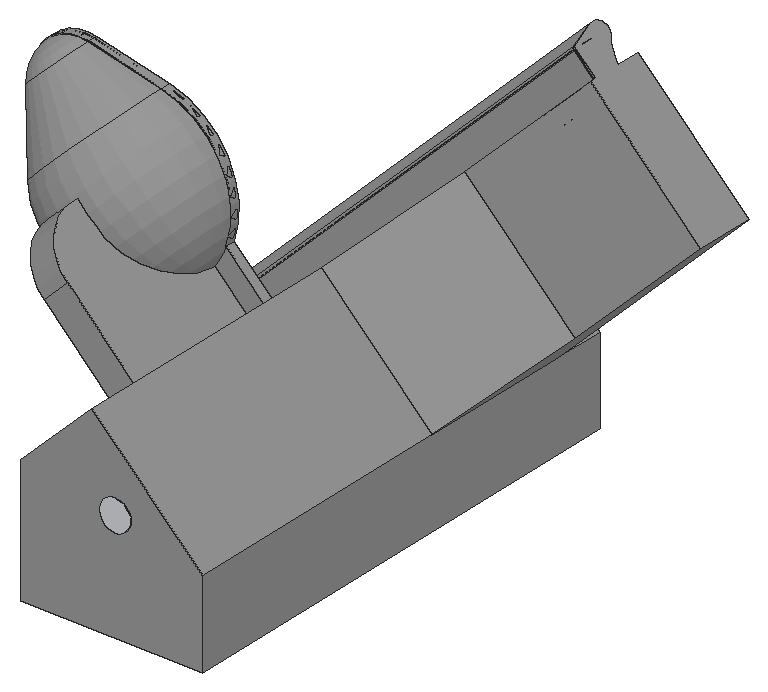
Revit family "Combination-Willoughby-ECF-1545-L-ON", category Plumbing Fixtures, Revit 2015
Parameters (values of type "Standard")
  Waste DIA [instance] = 2 3/8"
  Waste Connection = yes
  Waste-RAD [instance] = Waste DIA / 2  # 0' - 1 3/16"
  URL = "https://www.willoughby-ind.com/wp-content/uploads/2017/09/1545.pdf"
  Type Comments = ""
  Revision = "A"
  Flush Inlet Connection = yes
  Model = "ECF-1545-L-ON"
  Manufacturer = "Willoughby Industries"
  Left = yes
  Lav Waste DIA [instance] = 1 1/2"
  LAV Waste-RAD [instance] = Lav Waste DIA / 2  # 0' - 0 3/4"
  HW Connection = no
  Flush inlet DIA [instance] = 1 1/2"
  Flush Inlet-RAD [instance] = Flush inlet DIA / 2  # 0' - 0 3/4"
  Fixture Body = Stainless Steel AISI 304-Willoughby
  Description = "1545 Left Hand Orientation, Floor toilet waste outlet, On floor mounted"
  Default Elevation = 0' - 0"
  Contact Number = "(800) 428-4065"
  CW Connection = no
Reference planes (in)
  plane 1 "Center (Front/Back)": y = -16.25
  plane 2: z = 0
  plane 3 "Waste CL": x = 0
  plane 4 "Base": y = -16.25
  plane 5 "Seat height": y = 1.75
  plane 6 "Waste Hieght": y = -4.75
  plane 7 "Lwaste ht": y = 8
  plane 8 "flush inlet HT": y = 4.25
  plane 9 "Waste center": x = 0
  plane 10 "Fixture Height": y = 21.75
  plane 11: through (-5.56326, 0, 8.31174) normal (0.7071, 0, 0.7071)
  plane 12: through (-18.88655, 0, 21.63503) normal (0.7071, 0, 0.7071)
  plane 13: through (-11.21677, 0, 22.4617) normal (-0.7071, 0, 0.7071)
  plane 14: through (-17.12138, 0, 16.55709) normal (-0.7071, 0, 0.7071)
  plane 15: through (1.5625, 0, 6.3125) normal (0.7071, 0, -0.7071)
  plane 16: y = 16.75
  plane 17: y = 16.75
  plane 18 "Flush Inlet": x = 3.50178
  plane 19 "Center/LAV Waste": x = -1.37322
  plane 20: x = 6.12678
  plane 21: x = -8.87322
  plane 22 "Waste": x = -0.37322
  plane 23 "grab bar": x = 36.92031
Forms (in)
  Extrusion 1, solid, material "Stainless Steel AISI 304-Willoughby" <- "Fixture Body"
    sketch origin (0.35963, 10.5, 2.01121) x (-0.707107, 0, -0.707107) y (0.707107, 0, -0.707107)
      loop
        line (0.86025, -12.45225) -> (-5.26475, -12.45225) -> (-5.26475, -16.56851)
        arc (-5.26475, -16.56851) -> (-8.91088, -20.86448) -> (-8.21015, -26.45542) r 7
        line (-8.21015, -26.45542) -> (-5.16818, -31.31054)
        arc (-5.16818, -31.31054) -> (-2.20225, -32.95225) -> (0.76368, -31.31054) r 3.5
        line (0.76368, -31.31054) -> (3.80565, -26.45542)
        arc (3.80565, -26.45542) -> (4.50638, -20.86448) -> (0.86025, -16.56851) r 7
        line (0.86025, -16.56851) -> (0.86025, -12.45225)
      loop
        arc (2.03989, -24.70557) -> (-2.20225, -18.23804) -> (-6.44438, -24.70557) r 4.625
        line (-6.44438, -24.70557) -> (-4.04125, -30.23842)
        arc (-4.04125, -30.23842) -> (-2.20225, -31.45225) -> (-0.36324, -30.23842) r 2
        line (-0.36324, -30.23842) -> (2.03989, -24.70557)
    from 8.75 to 9.5
  Revolve 2, solid, material "Stainless Steel AISI 304-Willoughby" <- "Fixture Body", visible <- "Left"
    sketch origin (0.35963, 1.5, 6.62718) x (-0.707107, 0, -0.707107) y (0.707107, 0, -0.707107)
      loop
        line (1.06174, -12.59906) -> (1.06174, -12.84906)
        arc (1.06174, -12.84906) -> (6.96784, -16.33096) -> (6.78077, -23.18447) r 6.75
        line (6.78077, -23.18447) -> (3.81535, -27.91457)
        arc (3.81535, -27.91457) -> (2.63527, -29.03194) -> (1.06174, -29.43826) r 3.25
        line (1.06174, -29.43826) -> (1.06174, -29.68826)
        arc (1.06174, -29.68826) -> (2.75672, -29.25045) -> (4.02767, -28.04656) r 3.5
        line (4.02767, -28.04656) -> (7.06964, -23.19143)
        arc (7.06964, -23.19143) -> (7.15052, -16.14555) -> (1.06174, -12.59906) r 7
      axis (1.06174, -12.59906) -> (1.06174, -29.68826)
    angle from 0 to -180
  Extrusion 3, solid, material "Stainless Steel AISI 304-Willoughby" <- "Fixture Body"
    sketch origin (1.25119, 0, 6.00186) x (0, 1, 0) y (-0.707107, 0, 0.707107)
      loop
        line (-5.27082, 10.26086) -> (1, 10.26086) -> (1, 13.76086)
        arc (1, 13.76086) -> (-2.93256, 15.26109) -> (-5.27082, 18.76086) r 6.92744
        line (-5.27082, 18.76086) -> (-5.27082, 10.26086)
    from 0 to -2.5
  Extrusion 4, solid, material "Stainless Steel AISI 304-Willoughby" <- "Fixture Body"
    sketch origin (0, 21.75, -8.22682) x (1, 0, 0) y (0, 0, 1)
      loop
        line (4.35089, 8.22682) -> (4.35089, 14.86886) -> (-4.13526, 23.35501) -> (-19.26346, 8.22682) -> (4.35089, 8.22682)
    from 0 to 8
  Extrusion 5, solid, material "Stainless Steel AISI 304-Willoughby" <- "Fixture Body"
    sketch origin (-14.57379, 17.75, 0.36891) x (1, 0, 0) y (0, 0, 1)
      loop
        line (33.4941, 20.84255) -> (25.00882, 29.32784) -> (10.4394, 14.75842) -> (18.92468, 6.27313) -> (33.4941, 20.84255)
      loop
        arc (25.93339, 27.1733) -> (25.22628, 27.46619) -> (24.51917, 27.1733) r 1
        line (24.51917, 27.1733) -> (14.52755, 17.18168)
        arc (14.52755, 17.18168) -> (14.23466, 16.47457) -> (14.52755, 15.76747) r 1
        line (14.52755, 15.76747) -> (19.88229, 10.41273)
        arc (19.88229, 10.41273) -> (20.5894, 10.11984) -> (21.29651, 10.41273) r 1
        line (21.29651, 10.41273) -> (31.28812, 20.40435)
        arc (31.28812, 20.40435) -> (31.58102, 21.11145) -> (31.28812, 21.81856) r 1
        line (31.28812, 21.81856) -> (25.93339, 27.1733)
    from 0 to 4
  Extrusion 6, solid, material "Stainless Steel AISI 304-Willoughby" <- "Fixture Body"
    sketch origin (0, 15.25, 5.38846) x (1, 0, 0) y (0, 0, 1)
      loop
        line (-9.58406, -5.38846) -> (4.35089, -5.38846) -> (4.35089, 1.25359) -> (-4.13439, 9.73887) -> (-4.7227, 9.15056) -> (-9.05373, 4.81953) -> (-9.58406, 4.2892) -> (-9.58406, -5.38846)
    from 1.5 to 31.5
  Extrusion 7, solid, material "Stainless Steel AISI 304-Willoughby" <- "Fixture Body"
    sketch origin (-12.34107, 46.33187, 6.92065) x (0, 1, 0) y (0.707107, 0, 0.707107)
      loop
        line (-32.58187, 11.60599) -> (-32.58187, 32.21026) -> (-33.08187, 32.21026) -> (-34.30788, 19.96026) -> (-40.60327, 11.60599) -> (-32.58187, 11.60599)
    from 0 to 12
  Extrusion 8, solid, material "Stainless Steel AISI 304-Willoughby" <- "Fixture Body"
    sketch origin (-13.99064, -32.65143, -5.27282) x (0, 1, 0) y (-0.707107, 0, 0.707107)
      loop
        line (50.50143, 7.45689) -> (50.50143, 9.7067)
        arc (50.50143, 9.7067) -> (49.48517, 11.24673) -> (47.66956, 10.91802) r 1.675
        line (47.66956, 10.91802) -> (46.40143, 9.70689) -> (46.40143, 7.45689) -> (50.50143, 7.45689)
    from 0 to 0.25
  Extrusion 9, solid, material "Stainless Steel AISI 304-Willoughby" <- "Fixture Body"
    sketch origin (27.44804, -0.074, 12.33018) x (0, 1, 0) y (-0.707107, 0, 0.707107)
      loop
        arc (16.79803, 26.04907) -> (16.88129, 26.96339) -> (16.01706, 27.27326) r 0.75001
        line (16.01706, 27.27326) -> (13.87902, 26.57803) -> (13.87902, 24.31003) -> (15.99202, 24.31003)
        arc (15.99202, 24.31003) -> (16.25673, 25.24365) -> (16.79803, 26.04907) r 3.089
    from 0 to 0.25
  Sweep 10, solid, material "Stainless Steel AISI 304-Willoughby" <- "Fixture Body"
    path origin (0, 16.68413, 5.38672) x (1, 0, 0) y (0, 0, 1)
      loop
        line (8.66726, 25.72424) -> (-20.67767, -3.62069)
    profile origin (-6.0052, 16.68413, 16.4385) x (0.707107, 0, -0.707107) y (0, -1, 0)
      loop
        circle (-0.00104, 0.50913) r 0.75
  Extrusion 11, solid, material "Stainless Steel AISI 304-Willoughby" <- "Fixture Body"
    sketch origin (-1.00835, 27.10824, 4.72586) x (0, 1, 0) y (-0.707107, 0, 0.707107)
      loop
        line (-32.37906, 9.56539) -> (-32.37906, 20.85188) -> (-32.87906, 20.85188)
        arc (-32.87906, 20.85188) -> (-35.70748, 19.68031) -> (-36.87906, 16.85188) r 4
        line (-36.87906, 16.85188) -> (-36.87906, 9.56539) -> (-32.37906, 9.56539)
    from 0 to 2.5
  Extrusion 12, solid, material "Stainless Steel AISI 304-Willoughby" <- "Fixture Body"
    sketch origin (0, 0, 0) x (1, 0, 0) y (0, 1, 0)
      loop
        circle (1.72589, 4.25) r 0.75
    from 0 to 1
  Extrusion 13, solid, material "Stainless Steel AISI 304-Willoughby" <- "Fixture Body"
    sketch origin (0, 0, 0) x (1, 0, 0) y (0, 1, 0)
      loop
        circle (-2.61659, 8) r 0.75
    from -3 to 1
  Extrusion 14, solid
    sketch origin (0, -16.25, 0) x (0, 0, -1) y (-1, 0, 0)
      loop
        circle (-8.4375, 2.32635) r 1.1875
    from 0 to 3
  Extrusion 15, solid, material "Stainless Steel AISI 304-Willoughby" <- "Fixture Body"
    sketch origin (27.91549, -5.16123, 11.86274) x (0, 1, 0) y (-0.707107, 0, 0.707107)
      loop
        line (18.96625, 24.97233) -> (19.08525, 24.97233) -> (19.08525, 27.03833)
        arc (19.08525, 27.03833) -> (19.12186, 27.12672) -> (19.21025, 27.16333) r 0.125
        line (19.21025, 27.16333) -> (20.58525, 27.16333) -> (20.58525, 27.28233) -> (19.21025, 27.28233)
        arc (19.21025, 27.28233) -> (19.03771, 27.21086) -> (18.96625, 27.03833) r 0.244
        line (18.96625, 27.03833) -> (18.96625, 24.97233)
    from -41.49877 to 0
Cuts and joins
  joined: Extrusion 4, Extrusion 5, Extrusion 6, Extrusion 7, Extrusion 8, Extrusion 9
  joined: Extrusion 3, Extrusion 11
Lines and regions (in)
  symbolic lines
    curve 1: line (-16.125, -16.25, 0) -> (-14.625, -16.25, 0)
    curve 2: line (0, 21.75, -0.0055) -> (0, 21.75, 10.875)
    curve 3: line (0, 21.75, 10.875) -> (0, 17.75, 10.875)
    curve 4: line (0, 17.75, 10.875) -> (0, 17.75, 24.13325)
    curve 5: line (0, 17.75, 24.13325) -> (0, 17.47165, 26.11379)
    curve 6: arc (0, 17.47165, 26.11379) -> (0, 16.76652, 26.46196) -> (0, 16.06139, 26.11379) r 0.88812
    curve 7: line (0, 16.06139, 26.11379) -> (0, 14.75, 24.31003)
    curve 8: line (0, 14.75, 24.31003) -> (0, 13.25, 24.31003)
    curve 9: line (0, 13.25, 24.31003) -> (0, 12.02399, 15.64797)
    curve 10: line (0, 12.02399, 15.64797) -> (0, 6.9375, 10.875)
    curve 11: line (0, 6.9375, 10.875) -> (0, 1.75, 10.875)
    curve 12: line (0, 1, 6.14622) -> (0, 1.75, 6.14622)
    curve 13: line (0, 1.75, 6.14622) -> (0, 1.75, 23.83255)
    curve 14: line (0, 1.75, 23.83255) -> (0, 1, 23.83255)
    curve 15: arc (0, 1, 23.83255) -> (0, 0.03369, 23.53261) -> (0, -0.79759, 22.95581) r 3.32336
    curve 16: line (0, -0.79759, 22.95581) -> (0, -3.43907, 20.6596)
    curve 17: arc (0, -3.43907, 20.6596) -> (0, -3.96286, 20.06535) -> (0, -4.41275, 19.41336) r 6.69163
    curve 18: arc (0, -4.41275, 19.41336) -> (0, -4.96012, 18.33682) -> (0, -5.34188, 17.19104) r 8.1253
    curve 19: line (0, -5.34188, 17.19104) -> (0, -5.84188, 17.19104)
    curve 20: arc (0, -5.84188, 17.19104) -> (0, -7.27582, 16.97673) -> (0, -8.58445, 16.35255) r 4.90452
    curve 21: arc (0, -8.58445, 16.35255) -> (0, -9.23236, 15.74836) -> (0, -9.66186, 14.97353) r 2.83156
    curve 22: line (0, -9.66186, 14.97353) -> (0, -9.77082, 10.8879)
    curve 23: line (0, -9.77082, 10.8879) -> (0, -9.77082, 7.42785)
    curve 24: line (0, -9.77082, 7.42785) -> (0, 1, 7.42785)
    curve 25: line (0, 1, 7.42785) -> (0, 1, 6.14622)
    curve 26: line (0, -9.77082, 10.8879) -> (0, -16.27082, 10.8879)
    curve 27: line (0, -16.27082, 10.8879) -> (0, -16.27082, -0.0055)
    curve 28: line (0, -16.27082, -0.0055) -> (0, 21.75, -0.0055)
    curve 29: arc (0, -5.34188, 17.19104) -> (0, -4.0759, 11.51383) -> (0, 1, 8.67328) r 7.12289
    curve 30: line (0, 1, 8.67328) -> (0, 1, 7.42785)
    curve 31: line (6.12678, -16.25, 0) -> (-8.87322, -16.25, 0)
    curve 32: line (-8.87322, -16.25, 0) -> (-8.87322, -9.77082, 0)
    curve 33: line (-8.87322, -9.77082, 0) -> (-11.59947, -9.77082, 0)
    curve 34: arc (-11.59947, -9.77082, 0) -> (-12.22447, -9.67741, 0) -> (-12.79485, -9.40535, 0) r 2.13769
    curve 35: arc (-12.79485, -9.40535, 0) -> (-14.03782, -7.77969, 0) -> (-14.4279, -5.77082, 0) r 4.47871
    curve 36: line (-14.4279, -5.77082, 0) -> (-14.4279, -5.34737, 0)
    curve 37: arc (-14.4279, -5.34737, 0) -> (-16.47094, -4.53529, 0) -> (-18.16636, -3.13562, 0) r 7.07966
    curve 38: line (-18.16636, -3.13562, 0) -> (-20.15522, -0.88964, 0)
    curve 39: arc (-20.15522, -0.88964, 0) -> (-20.79515, 0.12409, 0) -> (-21.07984, 1.28862, 0) r 3.7239
    curve 40: line (-21.07984, 1.28862, 0) -> (-21.07984, 1.75, 0)
    curve 41: line (-21.07984, 1.75, 0) -> (-3.39775, 1.75, 0)
    curve 42: line (-3.39775, 1.75, 0) -> (-3.39775, 1, 0)
    curve 43: line (-3.39775, 1, 0) -> (-5.92481, 1, 0)
    curve 44: arc (-5.92481, 1, 0) -> (-6.09022, -0.07137, 0) -> (-6.44715, -1.09499, 0) r 5.95433
    curve 45: arc (-6.44715, -1.09499, 0) -> (-8.90323, -4.22095, 0) -> (-12.66013, -5.52082, 0) r 7.0489
    curve 46: arc (-12.66013, -5.52082, 0) -> (-13.54942, -5.48924, 0) -> (-14.4279, -5.34737, 0) r 7.14465
    curve 47: line (-8.87322, 1.75, 0) -> (-8.87322, 15.25, 0)
    curve 48: line (-8.87322, 15.25, 0) -> (-15.375, 15.25, 0)
    curve 49: arc (-15.375, 15.25, 0) -> (-16.875, 16.75, 0) -> (-15.375, 18.25, 0) r 1.5
    curve 50: line (-13.875, 18.25, 0) -> (-15.375, 18.25, 0)
    curve 51: line (-13.875, 21.75, 0) -> (6.125, 21.75, 0)
    curve 52: line (6.125, 21.75, 0) -> (6.125, 17.75, 0)
    curve 53: line (6.125, 17.75, 0) -> (18.92031, 17.75, 0)
    curve 54: line (18.92031, 17.75, 0) -> (18.92031, 13.25, 0)
    curve 55: line (18.92031, 13.25, 0) -> (10.25825, 12.02399, 0)
    curve 56: line (10.25825, 12.02399, 0) -> (6.12678, 7.62114, 0)
    curve 57: line (6.12678, 7.62114, 0) -> (6.12678, -16.25, 0)
    curve 58: line (-13.875, 18.25, 0) -> (-13.875, 21.75, 0)
    curve 59: line (6.12678, -16.25, 0) -> (-8.87322, -16.25, 0)
    curve 60: line (-8.87322, -9.77082, 0) -> (-11.59947, -9.77082, 0)
    curve 61: line (-14.4279, -5.77082, 0) -> (-14.4279, -5.34737, 0)
Dimensions and locks (in)
  plane 5 "Seat height" to plane 4 "Base" = 1' - 6"  (x2)
  locked: Extrusion 1 to Extrusion 1 at 0.75
  plane 6 "Waste Hieght" to plane 4 "Base" = 0' - 11 1/2"
  plane 7 "Lwaste ht" to plane 4 "Base" = 2' - 0 1/4"
  plane 8 "flush inlet HT" to plane 4 "Base" = 1' - 8 1/2"
  locked: Extrusion 1 to Extrusion 3 at 6.27082
  locked: plane 5 "Seat height" to Revolve 2 at 0.25
  plane 21 to plane 20 = 1' - 3"
  plane 18 "Flush Inlet" to plane 20 = 0' - 2 5/8"  (x2)
  plane 19 "Center/LAV Waste" to plane 20 = 0' - 7 1/2"
  plane 19 "Center/LAV Waste" to plane 18 "Flush Inlet" = 0' - 4 7/8"
  plane 22 "Waste" to plane 20 = 0' - 6 1/2"
  cut or joined group of Extrusion 4, Extrusion 5, Extrusion 6, Extrusion 7, Extrusion 8, Extrusion 9 to plane 4 "Base" = 2' - 10"
  plane 10 "Fixture Height" to plane 4 "Base" = 3' - 2"
  "Flush Inlet-RAD": radius of Extrusion 12 sketch curve
  "LAV Waste-RAD": radius of Extrusion 13 sketch curve
  aligned and locked: Extrusion 1 to plane 5 "Seat height"
  aligned and locked: plane 3 "Waste CL" to plane 9 "Waste center"
  aligned and locked: plane 12 to plane 11
  aligned and locked: plane 14 to plane 13
  aligned and locked: plane 8 "flush inlet HT" to Extrusion 12 sketch curve
  aligned and locked: plane 7 "Lwaste ht" to Extrusion 13 sketch curve
  aligned and locked: Extrusion 15 to cut or joined group of Extrusion 4, Extrusion 5, Extrusion 6, Extrusion 7, Extrusion 8, Extrusion 9  (x2)
  aligned and locked: Extrusion 4 to Extrusion 6
  aligned and locked: Extrusion 7 to Extrusion 4
Automatic sketch dimensions
  Extrusion 3 sketch curve to plane 6 "Waste Hieght" = 0' - 0.52082"
  Extrusion 3 sketch curve to Extrusion 3 sketch curve = 0' - 3 1/2"
  Extrusion 3 sketch curve to Extrusion 3 sketch curve = 0' - 5"
  Revolve 2 sketch curve to Revolve 2 sketch curve = 0' - 0"  (x6)
  Revolve 2 sketch curve to Revolve 2 sketch curve = 0' - 0.21232"
  Revolve 2 sketch curve to Revolve 2 sketch curve = 0' - 2.96542"
  Revolve 2 sketch curve to Revolve 2 sketch curve = 0' - 0.28887"
  Revolve 2 sketch curve to plane 3 "Waste CL" = 1' - 9.38391"
  Revolve 2 sketch curve to Revolve 2 sketch curve = 0' - 0 1/4"
  Revolve 2 sketch curve to Revolve 2 sketch curve = 0' - 1.3917"
  Revolve 2 sketch curve to Revolve 2 sketch curve = 0' - 0.13199"
  Revolve 2 sketch curve to Revolve 2 sketch curve = 0' - 4.85513"
  Revolve 2 sketch curve to Revolve 2 sketch curve = 0' - 0.00696"
  Revolve 2 sketch curve to Revolve 2 sketch curve = 0' - 3 1/4"
  Revolve 2 sketch curve to Revolve 2 sketch curve = 0' - 3.3392"
  Revolve 2 sketch curve to Revolve 2 sketch curve = 0' - 2.4108"
  Extrusion 5 sketch curve to plane 3 "Waste CL" = 0' - 4.13439"
  Extrusion 5 sketch curve to plane 3 "Waste CL" = 0' - 0.04623"  (x2)
  plane 3 "Waste CL" to Extrusion 5 sketch curve = 0' - 0.66087"
  plane 3 "Waste CL" to Extrusion 5 sketch curve = 0' - 5.3085"
  level to Extrusion 5 sketch curve = 0' - 6.64205"
  Extrusion 5 sketch curve to Extrusion 5 sketch curve = 0' - 0.95761"
  Extrusion 5 sketch curve to Extrusion 5 sketch curve = 0' - 0.70711"  (x10)
  plane 3 "Waste CL" to Extrusion 5 sketch curve = 0' - 9.94538"
  Extrusion 5 sketch curve to Extrusion 5 sketch curve = 0' - 0.92457"
  Extrusion 5 sketch curve to Extrusion 5 sketch curve = 0' - 2.91308"
  Extrusion 5 sketch curve to Extrusion 5 sketch curve = 0' - 4.1396"
  Extrusion 5 sketch curve to Extrusion 5 sketch curve = 0' - 5.35474"
  Extrusion 5 sketch curve to Extrusion 5 sketch curve = 0' - 1.00905"
  Extrusion 5 sketch curve to Extrusion 5 sketch curve = 0' - 0.43821"
  Extrusion 5 sketch curve to Extrusion 5 sketch curve = 0' - 2.86164"
  level to Revolve 2 sketch curve = 2' - 0.39432"
  Revolve 2 sketch curve to plane 3 "Waste CL" = 1' - 6.90903"
  Extrusion 7 sketch curve to plane 1 "Center (Front/Back)" = 1' - 9.97859"
  Extrusion 7 sketch curve to Extrusion 7 sketch curve = 0' - 1.22601"
  Extrusion 7 sketch curve to Extrusion 7 sketch curve = 0' - 0 1/2"
  Extrusion 7 sketch curve to Extrusion 7 sketch curve = 1' - 0 1/4"
  Extrusion 7 sketch curve to Extrusion 7 sketch curve = 0' - 6.2954"
  Extrusion 7 sketch curve to Extrusion 7 sketch curve = 0' - 8.35427"
  plane 11 to Extrusion 7 sketch curve = 0' - 5.82971"
  plane 5 "Seat height" to Extrusion 3 sketch curve = 0' - 0 3/4"
  plane 5 "Seat height" to Extrusion 3 sketch curve = 0' - 0.3638"
  Extrusion 3 sketch curve to plane 15 = 0' - 10.26133"
  Extrusion 11 sketch curve to plane 1 "Center (Front/Back)" = 0' - 6.47918"
  Extrusion 11 sketch curve to Extrusion 11 sketch curve = 0' - 4"
  Extrusion 11 sketch curve to Extrusion 11 sketch curve = 0' - 4 1/2"
  Extrusion 11 sketch curve to Extrusion 11 sketch curve = 0' - 7.28649"
  Extrusion 11 sketch curve to plane 13 = 0' - 10.19418"
  curve 13 to plane 5 "Seat height" = 0' - 0"
  curve 3 to plane 10 "Fixture Height" = 0' - 0"
  plane 5 "Seat height" to curve 29 = 0' - 0.11267"
  plane 5 "Seat height" to curve 15 = 0' - 0.25945"
  curve 17 to curve 29 = 0' - 0.32711"
  curve 14 to curve 13 = 0' - 0 3/4"
  plane 5 "Seat height" to curve 24 = 0' - 0 3/4"
  curve 16 to curve 14 = 0' - 1.79759"
  plane 6 "Waste Hieght" to curve 16 = 0' - 1.31093"
  curve 19 to plane 6 "Waste Hieght" = 0' - 0.59188"
  curve 19 to curve 18 = 0' - 0 1/2"
  curve 21 to curve 20 = 0' - 1.15918"
  curve 22 to curve 21 = 0' - 2.6608"
  curve 22 to curve 21 = 0' - 0.10895"
  plane 1 "Center (Front/Back)" to curve 26 = 0' - 0.02082"
  curve 18 to plane 5 "Seat height" = 0' - 0.78635"
  curve 10 to plane 7 "Lwaste ht" = 0' - 1 1/16"
  plane 7 "Lwaste ht" to curve 9 = 0' - 4.02399"
  curve 8 to plane 16 = 0' - 3 1/2"
  curve 8 to curve 7 = 0' - 1 1/2"
  curve 7 to plane 16 = 0' - 0.68861"
  plane 16 to curve 6 = 0' - 0.01652"
  plane 16 to curve 5 = 0' - 0.72165"
  plane 16 to curve 4 = 0' - 1"
  curve 28 to level = 0' - 0.0055"
  level to curve 25 = 0' - 6.14622"
  level to curve 24 = 0' - 7.42785"
  level to curve 3 = 0' - 10 7/8"
  curve 24 to curve 10 = 0' - 3.44715"
  curve 23 to curve 22 = 0' - 3.46005"
  curve 22 to curve 20 = 0' - 1.39862"
  curve 20 to curve 21 = 0' - 1.71856"
  curve 21 to curve 22 = 0' - 0.96845"
  curve 11 to curve 18 = 0' - 4.3276"
  curve 10 to curve 9 = 0' - 4.77297"
  curve 18 to curve 29 = 0' - 0.565"
  curve 29 to curve 17 = 0' - 0.17797"
  curve 21 to curve 19 = 0' - 0.83849"
  curve 17 to curve 15 = 0' - 4.60003"
  curve 18 to curve 16 = 0' - 1.24625"
  curve 15 to curve 16 = 0' - 2.41021"
  curve 9 to curve 5 = 0' - 8.48528"
  curve 4 to curve 8 = 0' - 0.17678"
  curve 4 to curve 6 = 0' - 1.44058"
  curve 6 to curve 5 = 0' - 0.53995"
  plane 5 "Seat height" to curve 41 = 0' - 0"
  curve 49 to plane 16 = 0' - 0"
  curve 58 to plane 10 "Fixture Height" = 0' - 0"
  plane 1 "Center (Front/Back)" to curve 59 = 0' - 0"
  curve 59 to plane 21 = 0' - 0"
  curve 47 to plane 21 = 0' - 0"
  curve 56 to plane 20 = 0' - 0"
  plane 21 to curve 35 = 0' - 1.07932"
  plane 21 to curve 60 = 0' - 2.72625"
  plane 5 "Seat height" to curve 44 = 0' - 0.38089"
  plane 21 to curve 44 = 0' - 2.99446"
  plane 5 "Seat height" to curve 46 = 0' - 0.12873"
  curve 46 to curve 44 = 0' - 0.98408"
  curve 37 to curve 46 = 0' - 0.01434"
  curve 45 to curve 37 = 0' - 0.12686"
  plane 16 to curve 58 = 0' - 1 1/2"
  plane 21 to curve 58 = 0' - 5.00178"
  curve 36 to plane 6 "Waste Hieght" = 0' - 0.59737"
  curve 36 to curve 34 = 0' - 2.82843"
  curve 50 to curve 50 = 0' - 1 1/2"
  plane 5 "Seat height" to curve 39 = 0' - 0.17087"
  curve 39 to curve 45 = 0' - 4.37433"
  plane 6 "Waste Hieght" to curve 38 = 0' - 1.61438"
  plane 5 "Seat height" to curve 38 = 0' - 2.63964"
  curve 38 to curve 37 = 0' - 1.98886"
  plane 5 "Seat height" to curve 40 = 0' - 0.46138"
  plane 5 "Seat height" to curve 43 = 0' - 0 3/4"
  curve 43 to plane 21 = 0' - 2.94841"
  plane 19 "Center/LAV Waste" to curve 42 = 0' - 2.02453"
  plane 20 to curve 52 = 0' - 0.00178"
  curve 56 to plane 20 = 0' - 4.13147"
  plane 16 to curve 54 = 0' - 1"
  curve 55 to curve 54 = 0' - 8.66206"
  curve 32 to plane 6 "Waste Hieght" = 0' - 5.02082"
  curve 34 to curve 34 = 0' - 2.13769"
  curve 34 to curve 35 = 0' - 1.68901"
  curve 36 to curve 46 = 0' - 0.42345"
  curve 45 to curve 37 = 0' - 0.03766"
  curve 57 to plane 7 "Lwaste ht" = 0' - 0.37886"
  plane 7 "Lwaste ht" to curve 55 = 0' - 4.02399"
  curve 54 to plane 16 = 0' - 3 1/2"
  curve 46 to plane 6 "Waste Hieght" = 0' - 0.77082"
  level to Sweep 10 sketch curve = 0' - 1.76603"
  Sweep 10 sketch curve to plane 20 = 0' - 2.54048"
  level to Sweep 10 sketch curve = 2' - 7.11096"
  plane 21 to Sweep 10 sketch curve = 0' - 11.80445"
  Extrusion 4 sketch curve to level = 0' - 0"
  plane 21 to Extrusion 4 sketch curve = 0' - 10.39024"
  plane 19 "Center/LAV Waste" to Extrusion 4 sketch curve = 0' - 2.76204"
  plane 20 to Extrusion 4 sketch curve = 0' - 1.77589"
  level to Extrusion 4 sketch curve = 0' - 6.64205"
  plane 19 "Center/LAV Waste" to Extrusion 14 sketch curve = 0' - 0 61/64"
  level to Extrusion 14 sketch curve = 0' - 8 7/16"
  plane 16 to Extrusion 8 sketch curve = 0' - 1.1"
  Extrusion 8 sketch curve to plane 16 = 0' - 0.575"
  Extrusion 8 sketch curve to plane 16 = 0' - 1.73186"
  Extrusion 8 sketch curve to plane 16 = 0' - 3"
  Extrusion 8 sketch curve to Extrusion 8 sketch curve = 0' - 1.21113"
  Extrusion 8 sketch curve to plane 13 = 0' - 10.19295"
  Extrusion 8 sketch curve to Extrusion 8 sketch curve = 0' - 2.24981"
  profile plane to Sweep 10 sketch curve = 0' - 0.00104"
  profile plane to Sweep 10 sketch curve = 0' - 0.50913"
  Extrusion 9 sketch curve to plane 16 = 0' - 2.94498"
  Extrusion 9 sketch curve to plane 16 = 0' - 0.83198"
  Extrusion 9 sketch curve to plane 16 = 0' - 0.57501"
  plane 16 to Extrusion 9 sketch curve = 0' - 2.23534"
  Extrusion 9 sketch curve to plane 15 = 0' - 9.89599"
  Extrusion 9 sketch curve to Extrusion 9 sketch curve = 0' - 0.36534"
  Extrusion 9 sketch curve to Extrusion 9 sketch curve = 0' - 2 1/4"
  Extrusion 9 sketch curve to Extrusion 9 sketch curve = 0' - 2.268"
  Extrusion 9 sketch curve to Extrusion 9 sketch curve = 0' - 0.71325"
  Extrusion 9 sketch curve to plane 16 = 0' - 0.80694"
  Extrusion 15 sketch curve to plane 16 = 0' - 2.94498"
  Extrusion 15 sketch curve to Extrusion 15 sketch curve = 0' - 0.119"
  Extrusion 15 sketch curve to Extrusion 15 sketch curve = 0' - 0 1/8"
  Extrusion 15 sketch curve to Extrusion 15 sketch curve = 0' - 0"  (x2)
  Extrusion 15 sketch curve to plane 16 = 0' - 1.32598"
  Extrusion 15 sketch curve to plane 13 = 0' - 10.19295"
  Extrusion 15 sketch curve to Extrusion 15 sketch curve = 0' - 2.066"
  Extrusion 1 sketch curve to Extrusion 1 sketch curve = 0' - 0"  (x6)
  plane 11 to Extrusion 1 sketch curve = 0' - 7.94311"
  plane 13 to Extrusion 1 sketch curve = 0' - 2.05914"  (x2)
  Extrusion 1 sketch curve to Extrusion 1 sketch curve = 0' - 1.76576"  (x2)
  plane 11 to Extrusion 1 sketch curve = 0' - 4.99771"
  plane 11 to Extrusion 1 sketch curve = 0' - 4.90114"
  Extrusion 1 sketch curve to Extrusion 1 sketch curve = 0' - 1.12693"
  plane 13 to Extrusion 1 sketch curve = 0' - 0.21661"
  plane 11 to Extrusion 1 sketch curve = 0' - 1.93521"  (x2)
  plane 11 to Extrusion 1 sketch curve = 0' - 0.09621"
  Extrusion 1 sketch curve to plane 11 = 0' - 1.03072"
  Extrusion 1 sketch curve to plane 11 = 0' - 1.12729"
  Extrusion 1 sketch curve to Extrusion 1 sketch curve = 0' - 1.74985"  (x2)
  Extrusion 1 sketch curve to Extrusion 1 sketch curve = 0' - 4.74668"
  Extrusion 1 sketch curve to Extrusion 1 sketch curve = 0' - 0.78617"
  Extrusion 1 sketch curve to Extrusion 1 sketch curve = 0' - 1.07212"
  Extrusion 1 sketch curve to Extrusion 1 sketch curve = 0' - 4.11627"
  Extrusion 6 sketch curve to level = 0' - 0"
  plane 21 to Extrusion 6 sketch curve = 0' - 0.71084"
  plane 19 "Center/LAV Waste" to Extrusion 6 sketch curve = 0' - 2.76117"
  plane 18 "Flush Inlet" to Extrusion 6 sketch curve = 0' - 0.84911"
  Extrusion 6 sketch curve to Extrusion 6 sketch curve = 0' - 6.64205"
  Extrusion 6 sketch curve to Extrusion 6 sketch curve = 0' - 9.67766"
  Extrusion 6 sketch curve to Extrusion 6 sketch curve = 0' - 5.44967"
  plane 21 to Extrusion 6 sketch curve = 0' - 0.18051"
  Extrusion 6 sketch curve to Extrusion 6 sketch curve = 0' - 0.58831"
  Extrusion 6 sketch curve to Extrusion 6 sketch curve = 0' - 0.53033"
  plane 3 "Waste CL" to Extrusion 12 sketch curve = 0' - 1.72589"
  plane 19 "Center/LAV Waste" to Extrusion 13 sketch curve = 0' - 1.24337"
  curve 1 to level = 0' - 0"
  plane 21 to curve 1 = 0' - 7.25178"
  curve 1 to curve 1 = 0' - 1 1/2"
  radius of Extrusion 14 sketch curve = 0' - 1 3/16"
  radius of Sweep 10 sketch curve = 0' - 0 3/4"
Connectors (in)
  piping at (-2.32635, -16.25, 8.4375), diameter 2.375, driven by "Waste-RAD"
    settings: on Extrusion 14, index 8, connector inside diameter 24", connector length 0' - 0", flow factor 0, pipe flow 1.6 GPM, pressure drop 0.00 psi, fitting loss kfactor 0, connector angle 0.00°, fixture units 0, engagement length 0' - 0", angle of deflection 0.00°, flow configuration 0, flow direction 0, fitting loss method 0, system type 7, joint type 0, gender type 0, connector reference index -1, connector utility 0, adjustable connector no, is connector primary yes, connector description ""
  piping at (1.72589, 4.25, 0), diameter 1.5, driven by "Flush Inlet-RAD"
    settings: on Extrusion 12, index 9, connector inside diameter 24", connector length 0' - 0", flow factor 0, pipe flow 0 GPM, pressure drop 0.00 psi, fitting loss kfactor 0, connector angle 0.00°, fixture units 0, engagement length 0' - 0", angle of deflection 0.00°, flow configuration 0, flow direction 0, fitting loss method 0, system type 7, joint type 0, gender type 0, connector reference index -1, connector utility 0, adjustable connector no, is connector primary no, connector description ""
  piping at (-2.61659, 8, -3), diameter 1.5, driven by "LAV Waste-RAD"
    settings: on Extrusion 13, index 10, connector inside diameter 24", connector length 0' - 0", flow factor 0, pipe flow 0 GPM, pressure drop 0.00 psi, fitting loss kfactor 0, connector angle 0.00°, fixture units 0, engagement length 0' - 0", angle of deflection 0.00°, flow configuration 0, flow direction 0, fitting loss method 0, system type 7, joint type 0, gender type 0, connector reference index -1, connector utility 0, adjustable connector no, is connector primary no, connector description ""
